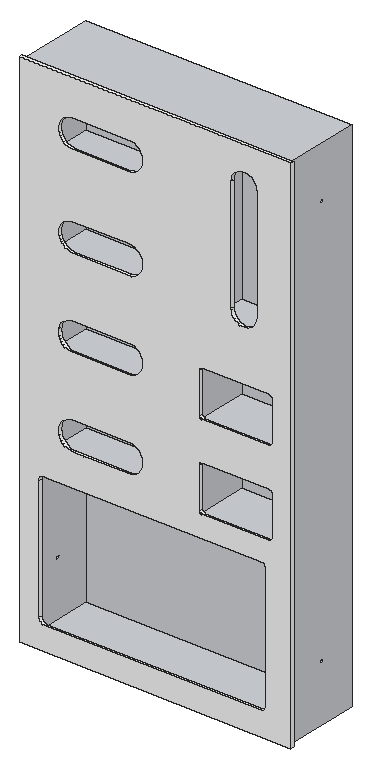
Revit family "RBA7790-777-059", category Generic Models, Revit 2021
Family settings
  Can host rebar = No
  Round Connector Dimension = Use Diameter
  Part Type = Normal
  Work Plane-Based = No
  Always vertical = Yes
  Cut with Voids When Loaded = No
  Shared = No
  Room Calculation Point = No
Parameters (values of type "RBA7790-777-059")
  Model = "RBA7790-777-059"
  Door = yes
  Default Elevation = 0 mm
Types (2, lengths in mm): name | Door
  RBA7790-777-059 | yes
  RBA7790-777-059_No Door | no
Reference planes
  plane 1 "Center (Front/Back)": y = 0
  plane 2: z = 0
  plane 3 "Center (Left/Right)": x = 0
  plane 4: y = -65
  plane 5: z = 99
  plane 6: z = 807
Forms (mm)
  Extrusion 1, solid
    sketch origin (0, 0, 0) x (1, 0, 0) y (0, 0, 1)
      loop
        line (-228.5, 0) -> (228.5, 0) -> (228.5, 896) -> (-228.5, 896) -> (-228.5, 0)
      loop
        line (-225.5, 269) -> (-225.5, 3) -> (225.5, 3) -> (225.5, 269) -> (-225.5, 269)
      loop
        line (41.5, 418) -> (225.5, 418) -> (225.5, 561) -> (41.5, 561) -> (41.5, 418)
      loop
        line (38.5, 272) -> (38.5, 421) -> (-225.5, 421) -> (-225.5, 272) -> (38.5, 272)
      loop
        line (-225.5, 424) -> (38.5, 424) -> (38.5, 574) -> (-225.5, 574) -> (-225.5, 424)
      loop
        line (-225.5, 730) -> (38.5, 730) -> (38.5, 893) -> (-225.5, 893) -> (-225.5, 730)
      loop
        line (-225.5, 577) -> (38.5, 577) -> (38.5, 727) -> (-225.5, 727) -> (-225.5, 577)
      loop
        line (41.5, 564) -> (225.5, 564) -> (225.5, 893) -> (41.5, 893) -> (41.5, 564)
      loop
        line (225.5, 272) -> (225.5, 415) -> (41.5, 415) -> (41.5, 272) -> (225.5, 272)
    from 3 to 131
  Extrusion 2, solid
    sketch origin (0, 0, 0) x (1, 0, 0) y (0, 0, 1)
      loop
        line (-228.5, 896) -> (-228.5, 0) -> (228.5, 0) -> (228.5, 896) -> (-228.5, 896)
    from 0 to 3
  Extrusion 3, solid
    sketch origin (0, 0, 0) x (1, 0, 0) y (0, 0, 1)
      loop
        line (98.5, 896) -> (38.5, 896) -> (38.5, 561) -> (98.5, 561) -> (98.5, 666)
        arc (98.5, 666) -> (97.036, 669.536) -> (93.5, 671) r 5
        line (93.5, 671) -> (88.5, 671)
        arc (88.5, 671) -> (84.964, 672.464) -> (83.5, 676) r 5
        line (83.5, 676) -> (83.5, 781)
        arc (83.5, 781) -> (84.964, 784.536) -> (88.5, 786) r 5
        line (88.5, 786) -> (93.5, 786)
        arc (93.5, 786) -> (97.036, 787.464) -> (98.5, 791) r 5
        line (98.5, 791) -> (98.5, 896)
    from 128 to 131
  Extrusion 4, solid
    sketch origin (-267, 0, -561) x (1, 0, 0) y (0, 0, 1)
      loop
        line (495.5, 581) -> (38.5, 581) -> (38.5, 561) -> (495.5, 561) -> (495.5, 581)
    from 128 to 131
  Extrusion 5, solid
    sketch origin (-265, 0, -56) x (1, 0, 0) y (0, 0, 1)
      loop
        line (56.5, 952) -> (36.5, 952) -> (36.5, 325) -> (56.5, 325) -> (56.5, 952)
    from 128 to 131
  Extrusion 6, solid
    sketch origin (215, 0, 0) x (1, 0, 0) y (0, 0, 1)
      loop
        line (13.5, 896) -> (-116.5, 896) -> (-116.5, 866) -> (13.5, 866) -> (13.5, 896)
      loop
        line (13.5, 591) -> (-116.5, 591) -> (-116.5, 561) -> (13.5, 561) -> (13.5, 591)
    from 128 to 131
  Extrusion 7, solid
    sketch origin (2, 0, -56) x (1, 0, 0) y (0, 0, 1)
      loop
        line (51.5, 617) -> (36.5, 617) -> (36.5, 325) -> (51.5, 325) -> (51.5, 617)
    from 128 to 131
  Extrusion 8, void
    sketch origin (0, 0, 0) x (0, 1, 0) y (0, 0, 1)
      loop
        circle (-65, 807) r 3.175
      loop
        circle (-65, 99) r 3.175
    from -228.5 to -225.5
  Extrusion 9, void
    sketch origin (0, 0, 0) x (0, 1, 0) y (0, 0, 1)
      loop
        circle (-65, 807) r 3.175
      loop
        circle (-65, 99) r 3.175
    from 225.5 to 228.5
  Extrusion 10, solid, material "White", visible <- "Door"
    sketch origin (0, 0, 0) x (1, 0, 0) y (0, 0, 1)
      loop
        line (-233, 898.5) -> (-233, -2.5) -> (233, -2.5) -> (233, 898.5) -> (-233, 898.5)
      loop
        arc (-141, 836.5) -> (-166, 811.5) -> (-141, 786.5) r 25
        line (-141, 786.5) -> (-46, 786.5)
        arc (-46, 786.5) -> (-21, 811.5) -> (-46, 836.5) r 25
        line (-46, 836.5) -> (-141, 836.5)
      loop
        arc (-141, 677) -> (-166, 652) -> (-141, 627) r 25
        line (-141, 627) -> (-46, 627)
        arc (-46, 627) -> (-21, 652) -> (-46, 677) r 25
        line (-46, 677) -> (-141, 677)
      loop
        arc (-141, 524) -> (-166, 499) -> (-141, 474) r 25
        line (-141, 474) -> (-46, 474)
        arc (-46, 474) -> (-21, 499) -> (-46, 524) r 25
        line (-46, 524) -> (-141, 524)
      loop
        arc (-141, 371.5) -> (-166, 346.5) -> (-141, 321.5) r 25
        line (-141, 321.5) -> (-46, 321.5)
        arc (-46, 321.5) -> (-21, 346.5) -> (-46, 371.5) r 25
        line (-46, 371.5) -> (-141, 371.5)
      loop
        line (-200, 257.5) -> (-200, 47.5)
        arc (-200, 47.5) -> (-197.071, 40.429) -> (-190, 37.5) r 10
        line (-190, 37.5) -> (180, 37.5)
        arc (180, 37.5) -> (187.071, 40.429) -> (190, 47.5) r 10
        line (190, 47.5) -> (190, 257.5)
        arc (190, 257.5) -> (187.071, 264.571) -> (180, 267.5) r 10
        line (180, 267.5) -> (-190, 267.5)
        arc (-190, 267.5) -> (-197.071, 264.571) -> (-200, 257.5) r 10
      loop
        arc (81, 383.5) -> (77.464, 382.036) -> (76, 378.5) r 5
        line (76, 378.5) -> (76, 308.5)
        arc (76, 308.5) -> (77.464, 304.964) -> (81, 303.5) r 5
        line (81, 303.5) -> (196, 303.5)
        arc (196, 303.5) -> (199.536, 304.964) -> (201, 308.5) r 5
        line (201, 308.5) -> (201, 378.5)
        arc (201, 378.5) -> (199.536, 382.036) -> (196, 383.5) r 5
        line (196, 383.5) -> (81, 383.5)
      loop
        arc (81, 529.5) -> (77.464, 528.036) -> (76, 524.5) r 5
        line (76, 524.5) -> (76, 454.5)
        arc (76, 454.5) -> (77.464, 450.964) -> (81, 449.5) r 5
        line (81, 449.5) -> (196, 449.5)
        arc (196, 449.5) -> (199.536, 450.964) -> (201, 454.5) r 5
        line (201, 454.5) -> (201, 524.5)
        arc (201, 524.5) -> (199.536, 528.036) -> (196, 529.5) r 5
        line (196, 529.5) -> (81, 529.5)
      loop
        arc (175, 834) -> (152.5, 856.5) -> (130, 834) r 22.5
        line (130, 834) -> (130, 639)
        arc (130, 639) -> (152.5, 616.5) -> (175, 639) r 22.5
        line (175, 639) -> (175, 834)
    from 136 to 131
Cuts and joins
  Extrusion 8, Extrusion 9 cuts Extrusion 1
  Extrusion 8, Extrusion 9 cuts Extrusion 2
  Extrusion 8, Extrusion 9 cuts Extrusion 3
  Extrusion 8, Extrusion 9 cuts Extrusion 4
  Extrusion 8, Extrusion 9 cuts Extrusion 5
  Extrusion 8, Extrusion 9 cuts Extrusion 6
  Extrusion 8, Extrusion 9 cuts Extrusion 7
  joined: Extrusion 1, Extrusion 2, Extrusion 3, Extrusion 4, Extrusion 5, Extrusion 6, Extrusion 7
Dimensions and locks
  aligned and locked: level to plane 2
